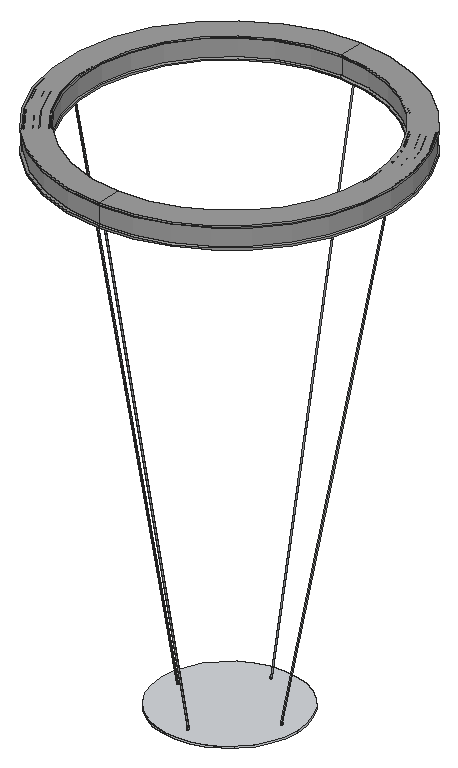
Revit family "VRIO-ACPMK", category Lighting Fixtures, host Face, Revit 2022
Family settings
  Host = Face
  Round Connector Dimension = Use Diameter
  Part Type = Normal
  Cut with Voids When Loaded = Yes
  Light Source = Yes
  Maintain Annotation Orientation = No
  Shared = No
  Room Calculation Point = No
Parameters (values of type "VRIO-65W-3000K-ACPMK")
  cable = R - 0' 0 1/32"  # 0' - 11 197/256"
  Wattage Comments = "65W"
  Wattage = 30.1598 W
  built-in parameter 1150110 = 1 (stored number, unit not read)
  URL = ""
  built-in parameter 1114217 = 1 (stored number, unit not read)
  Tilt Angle = 90.00°
  built-in parameter 1150109 = 1 (stored number, unit not read)
  built-in parameter 1150134 = (empty or 0)
  Suspension = 3' - 0"
  built-in parameter 1150113 = 1 (stored number, unit not read)
  Power Factor = "0.9"
  Photometric Web File = "VRIO_6524_30901.ies"
  Note = "The actual cable count varies with the fixture size."  # constant formula
  Model = "VRIO-6524-30901-ACPMK-WH"
  Manufacturer = "Above All Lighting"  # constant formula
  built-in parameter 1150105 = 356.51 (stored number, unit not read)
  Lumens = 4480 lm
  built-in parameter 1150115 = 1 (stored number, unit not read)
  Load Classification = Lighting
  built-in parameter 1150137 = (empty or 0)
  built-in parameter 1150139 = (empty or 0)
  built-in parameter 1150112 = 1 (stored number, unit not read)
  built-in parameter 1150114 = 1 (stored number, unit not read)
  Lamp = "LED"
  Input Voltage = "120-277V"
  built-in parameter 1150132 = 2
  built-in parameter 1150102 = (empty or 0)
  built-in parameter 1150107 = 3000 (stored number, unit not read)
  built-in parameter 1150138 = (empty or 0)
  built-in parameter 1150106 = 3.5651 (stored number, unit not read)
  built-in parameter 1150104 = 13.8 (stored number, unit not read)
  Dimming Lamp Color Temperature Shift = <None>
  Default Elevation = 0' - 0"
  R = 0' - 11 205/256"
  D1 = 0' - 9 205/256"
  Color Filter = 16777215
  CRI = "90"
  Beam Angle = 0.00°
  built-in parameter 1114218 = 1 (stored number, unit not read)
  built-in parameter 1150133 = 10 (stored number, unit not read)
Types (10): name | cable | Wattage Comments | Wattage | Photometric Web File | Model | built-in parameter 1150105 | Lumens | built-in parameter 1150106 | R | D1
  (no name) | 0' - 11 197/256" | "65W" | 30.1598 W | "VRIO_6524_30901.ies" | "VRIO-6524-30901-ACPMK-WH" | 356.51 (stored number, unit not read) | 4480 lm | 3.5651 (stored number, unit not read) | 0' - 11 205/256" | 0' - 9 205/256"
  VRIO-65W-3000K-ACPMK | 0' - 11 197/256" | "65W" | 30.1598 W | "VRIO_6524_30901.ies" | "VRIO-6524-30901-ACPMK-WH" | 356.51 (stored number, unit not read) | 4480 lm | 3.5651 (stored number, unit not read) | 0' - 11 205/256" | 0' - 9 205/256"
  VRIO-80W-3000K-ACPMK | 1' - 5 171/256" | "80W" | 37.6998 W | "VRIO_8035_30901.ies" | "VRIO-8035-30901-ACPMK-WH" | 1012.3 (stored number, unit not read) | 5600 lm | 10.123 (stored number, unit not read) | 1' - 5 179/256" | 0' - 9 205/256"
  VRIO-120W-3000K-ACPMK | 1' - 11 73/128" | "120W" | 56.5497 W | "VRIO_12047_30901.ies" | "VRIO-12047-30901-ACPMK-WH" | 1553.6 (stored number, unit not read) | 8400 lm | 15.536 (stored number, unit not read) | 1' - 11 77/128" | 1' - 1 205/256"
  VRIO-150W-3000K-ACPMK | 3' - 3 47/128" | "150W" | 70.6871 W | "generic" | "VRIO-15079-30901-ACPMK-WH" | 835.56 (stored number, unit not read) | 10500 lm | 8.3556 (stored number, unit not read) | 3' - 3 51/128" | 1' - 1 205/256"
  VRIO-200W-3000K-ACPMK | 4' - 1 43/256" | "200W" | 94.2495 W | "generic" | "VRIO-20098-30901-ACPMK-WH" | 1114.1 (stored number, unit not read) | 14000 lm | 11.141 (stored number, unit not read) | 4' - 1 51/256" | 1' - 5 179/256"
  VRIO-300W-3000K-ACPMK | 4' - 11 5/256" | "300W" | 141.374 W | "generic" | "VRIO-300118-30901-ACPMK-WH" | 1671.1 (stored number, unit not read) | 21000 lm | 16.711 (stored number, unit not read) | 4' - 11 13/256" | 1' - 7 179/256"
  VRIO-400W-3000K-ACPMK | 6' - 6 31/32" | "400W" | 188.499 W | "generic" | "VRIO-400158-30901-ACPMK-WH" | 2228.2 (stored number, unit not read) | 28000 lm | 22.282 (stored number, unit not read) | 6' - 7" | 1' - 11 77/128"
  VRIO-480W-3000K-ACPMK | 8' - 2 107/256" | "480W" | 226.199 W | "generic" | "VRIO-480197-30901-ACPMK-WH" | 2673.8 (stored number, unit not read) | 33600 lm | 26.738 (stored number, unit not read) | 8' - 2 115/256" | 1' - 11 77/128"
  VRIO-135W-3000K-ACPMK | 2' - 5 133/256" | "135W" | 61.2621 W | "generic" | "VRIO-13559-30901-ACPMK-WH" | 724.15 (stored number, unit not read) | 9100 lm | 7.2415 (stored number, unit not read) | 2' - 5 141/256" | 1' - 1 205/256"
Reference planes (in)
  plane 1 "Center (Front/Back)": y = 0
  plane 2: z = 0
  plane 3 "Center (Left/Right)": x = 0
  plane 4: y = 11.80078
  plane 5: z = 36
  plane 6: z = 37.44962
  plane 7: z = 0.18634
  plane 8: y = 10.03078
Forms (in)
  Revolve 1, solid, material "Default"
    sketch origin (0, 0, 59) x (0, 1, 0) y (0, 0, 1)
      loop
        line (10.03078, -22.96305) -> (11.80078, -22.96305) -> (11.80078, -22.85952) -> (11.69577, -22.75451) -> (11.69577, -22.89458) -> (11.6528, -22.89458) -> (11.6528, -22.75451) -> (11.59492, -22.75451) -> (11.59492, -22.84485) -> (11.16956, -22.84485) -> (11.16956, -21.51124) -> (11.59492, -21.51124) -> (11.59492, -21.60158) -> (11.6528, -21.60158) -> (11.6528, -21.46151) -> (11.69577, -21.46151) -> (11.69577, -21.60158) -> (11.80078, -21.49657) -> (11.80078, -21.39305) -> (10.03078, -21.39305) -> (10.03078, -21.49657) -> (10.13579, -21.60158) -> (10.13579, -21.46151) -> (10.17876, -21.46151) -> (10.17876, -21.60158) -> (10.23664, -21.60158) -> (10.23664, -21.51124) -> (10.72652, -21.51124) -> (10.72652, -22.84485) -> (10.23664, -22.84485) -> (10.23664, -22.75451) -> (10.17876, -22.75451) -> (10.17876, -22.89458) -> (10.13579, -22.89458) -> (10.13579, -22.75451) -> (10.03078, -22.85952) -> (10.03078, -22.96305)
      loop
        line (11.10549, -22.84485) -> (11.10549, -22.41839) -> (10.7906, -22.41839) -> (10.7906, -22.84485) -> (11.10549, -22.84485)
      loop
        line (11.10549, -21.51124) -> (10.7906, -21.51124) -> (10.7906, -22.00678) -> (11.10549, -22.00678) -> (11.10549, -21.51124)
      loop
        line (11.10549, -22.03803) -> (10.7906, -22.03803) -> (10.7906, -22.38714) -> (11.10549, -22.38714) -> (11.10549, -22.03803)
      axis (0, -22.96305) -> (0, -21.39305)
    angle from 0 to 360
  Extrusion 2, solid
    sketch origin (0, 0, 0) x (1, 0, 0) y (0, 1, 0)
      loop
        circle (0, 3.75) r 0.06118
      loop
        circle (0, -3.75) r 0.06118
      loop
        circle (3.75, 0) r 0.06118
      loop
        circle (-3.75, 0) r 0.06118
    from 0 to 0.18634
  Sweep 3, solid
    path origin (0, 0, 0) x (0, 1, 0) y (0, 0, 1)
      loop
        line (3.75, 0) -> (3.75, 0.18634) -> (11.3227, 36.06836) -> (11.76953, 36.06836)
    profile origin (0, 3.75, 0.09317) x (0, -1, 0) y (1, 0, 0)
      loop
        circle (0, 0) r 0.03141
  Sweep 4, solid
    path origin (0, 0, 0) x (0, 1, 0) y (0, 0, 1)
      loop
        line (-3.75, 0) -> (-3.75, 0.18634) -> (-11.30862, 36.06836) -> (-11.76953, 36.06836)
    profile origin (0, -3.75, 0.09317) x (0, -1, 0) y (1, 0, 0)
      loop
        circle (0, 0) r 0.03125
  Sweep 5, solid
    path origin (0, 0, 0) x (1, 0, 0) y (0, 0, 1)
      loop
        line (-3.75, 0) -> (-3.75, 0.18634) -> (-11.31021, 36.06836) -> (-11.76953, 36.06836)
    profile origin (-3.75, 0, 0.09317) x (-1, 0, 0) y (0, -1, 0)
      loop
        circle (0, 0) r 0.03125
  Sweep 6, solid
    path origin (0, 0, 0) x (1, 0, 0) y (0, 0, 1)
      loop
        line (3.75, 0) -> (3.75, 0.18634) -> (11.33047, 36.06836) -> (11.76953, 36.06836)
    profile origin (3.75, 0, 0.09317) x (-1, 0, 0) y (0, -1, 0)
      loop
        circle (0, 0) r 0.03224
  Extrusion 7, solid
    sketch origin (0, 0, 0) x (1, 0, 0) y (0, 1, 0)
      loop
        circle (0, 0) r 4.90039
    from 0 to 0.125
  Revolve 8, solid, material "Glass, White, High Luminance"
    sketch origin (0, 0, 0) x (0, 1, 0) y (0, 0, 1)
      loop
        line (11.69577, 37.53849) -> (10.13579, 37.53849) -> (10.13579, 36.10542) -> (11.69577, 36.10542) -> (11.69577, 37.53849)
      axis (0, 37.53849) -> (0, 36.10542)
    angle from 0 to 360
Dimensions and locks (in)
  "R": plane 4 to plane 1 "Center (Front/Back)"
  "Suspension": level to plane 5
  locked: plane 6 to plane 5 at 1.44962
  "cable": Sweep 3 sketch curve to imposter light
  "cable": plane 1 "Center (Front/Back)" to Sweep 4 sketch curve
  "cable": plane 3 "Center (Left/Right)" to Sweep 5 sketch curve
  "cable": Sweep 6 sketch curve to plane 3 "Center (Left/Right)"
  locked: plane 4 to plane 8 at 1.77
  Revolve 1 to Revolve 8 sketch curve = 0' - 0.10501"
  Revolve 8 sketch curve to Revolve 1 = 0' - 0.10501"
  "D1": diameter of Extrusion 7 sketch curve
  aligned and locked: plane 2 to host face
  aligned and locked: level to host face
  aligned and locked: plane 6 to imposter light
  aligned and locked: plane 4 to Revolve 1 sketch curve
  aligned and locked: Revolve 1 sketch curve to plane 4
  aligned and locked: Revolve 1 sketch curve to plane 8
  aligned and locked: plane 8 to Revolve 1 sketch curve
  aligned and locked: Revolve 8 sketch curve to Revolve 1
  aligned and locked: Revolve 1 to Revolve 8 sketch curve
Automatic sketch dimensions
  host sketch curve to host sketch curve = 8' - 0"  (x2)
  Sweep 3 sketch curve to plane 3 "Center (Left/Right)" = 0' - 0"
  Sweep 3 sketch curve to profile plane = 0' - 0"
  plane 1 "Center (Front/Back)" to Extrusion 2 sketch curve = 0' - 0"  (x2)
  Extrusion 2 sketch curve to plane 3 "Center (Left/Right)" = 0' - 0"  (x2)
  plane 3 "Center (Left/Right)" to Extrusion 2 sketch curve = 0' - 3 3/4"
  Extrusion 2 sketch curve to plane 1 "Center (Front/Back)" = 0' - 3 3/4"
  Extrusion 2 sketch curve to plane 3 "Center (Left/Right)" = 0' - 3 3/4"
  plane 1 "Center (Front/Back)" to Extrusion 2 sketch curve = 0' - 3 3/4"
  Sweep 4 sketch curve to plane 3 "Center (Left/Right)" = 0' - 0"
  Sweep 4 sketch curve to profile plane = 0' - 0"
  plane 1 "Center (Front/Back)" to Sweep 5 sketch curve = 0' - 0"
  Sweep 5 sketch curve to profile plane = 0' - 0"
  plane 1 "Center (Front/Back)" to Sweep 6 sketch curve = 0' - 0"
  Sweep 6 sketch curve to profile plane = 0' - 0"
  Revolve 8 sketch curve to plane 1 "Center (Front/Back)" = 0' - 0"
  plane 5 to Revolve 8 sketch curve = 0' - 10.55038"
  plane 6 to Revolve 8 sketch curve = 1' - 0"
  Revolve 1 sketch curve to plane 1 "Center (Front/Back)" = 0' - 0"
  Revolve 1 sketch curve to plane 8 = 0' - 0.10501"  (x2)
  Revolve 1 sketch curve to Revolve 1 sketch curve = 0' - 0 11/256"  (x4)
  Revolve 1 sketch curve to Revolve 1 sketch curve = 0' - 0.05789"  (x4)
  plane 6 to Revolve 1 sketch curve = 0' - 0.03913"  (x3)
  Revolve 1 sketch curve to Revolve 1 sketch curve = 0' - 0.48988"
  Revolve 1 sketch curve to Revolve 1 sketch curve = 0' - 0.06407"  (x3)
  Revolve 1 sketch curve to Revolve 1 sketch curve = 0' - 0"  (x6)
  Revolve 1 sketch curve to Revolve 1 sketch curve = 0' - 0.31489"  (x2)
  Revolve 1 sketch curve to plane 4 = 0' - 0.20586"  (x2)
  Revolve 1 sketch curve to plane 6 = 0' - 0.0512"  (x2)
  Revolve 1 sketch curve to plane 6 = 0' - 0.4564"
  Revolve 1 sketch curve to Revolve 1 sketch curve = 0' - 0 1/32"  (x2)
  Revolve 1 sketch curve to Revolve 1 sketch curve = 0' - 0.3491"
  Revolve 1 sketch curve to plane 5 = 0' - 0.24549"  (x2)
  Revolve 1 sketch curve to plane 5 = 0' - 0.15515"
  Revolve 1 sketch curve to Revolve 1 sketch curve = 0' - 0.09033"  (x2)
  Revolve 1 sketch curve to plane 5 = 0' - 0.14048"  (x2)
  Revolve 1 sketch curve to Revolve 1 sketch curve = 0' - 0.04973"
  Revolve 1 sketch curve to plane 5 = 0' - 0.10542"
  Revolve 1 sketch curve to plane 5 = 0' - 0.03695"
  plane 6 to Revolve 1 sketch curve = 0' - 0.05381"  (x2)
  plane 6 to Revolve 1 sketch curve = 0' - 0.08886"  (x2)
  Revolve 1 sketch curve to Revolve 1 sketch curve = 0' - 0.10352"
  plane 7 to Revolve 1 sketch curve = 0' - 11.81366"
  plane 6 to Revolve 1 sketch curve = 0' - 10.55038"
  Sweep 3 sketch curve to plane 7 = 0' - 0"
  Sweep 3 sketch curve to level = 0' - 0"
  Sweep 3 sketch curve to plane 5 = 0' - 0.06836"
  Sweep 3 sketch curve to Sweep 3 sketch curve = 0' - 0.44683"
  Sweep 3 sketch curve to plane 1 "Center (Front/Back)" = 0' - 3 3/4"
  Sweep 4 sketch curve to plane 7 = 0' - 0"
  Sweep 4 sketch curve to level = 0' - 0"
  Sweep 4 sketch curve to plane 5 = 0' - 0.06836"
  Sweep 4 sketch curve to Sweep 4 sketch curve = 0' - 0.46091"
  plane 1 "Center (Front/Back)" to Sweep 4 sketch curve = 0' - 3 3/4"
  Sweep 5 sketch curve to plane 7 = 0' - 0"
  Sweep 5 sketch curve to level = 0' - 0"
  Sweep 5 sketch curve to plane 5 = 0' - 0.06836"
  Sweep 5 sketch curve to Sweep 5 sketch curve = 0' - 0.45932"
  Sweep 5 sketch curve to plane 3 "Center (Left/Right)" = 0' - 3 3/4"
  Sweep 6 sketch curve to plane 7 = 0' - 0"
  Sweep 6 sketch curve to level = 0' - 0"
  Sweep 6 sketch curve to plane 5 = 0' - 0.06836"
  Sweep 6 sketch curve to Sweep 6 sketch curve = 0' - 0.43906"
  plane 3 "Center (Left/Right)" to Sweep 6 sketch curve = 0' - 3 3/4"
  plane 1 "Center (Front/Back)" to Extrusion 7 sketch curve = 0' - 0"
  Extrusion 7 sketch curve to plane 3 "Center (Left/Right)" = 0' - 0"
  radius of Sweep 3 sketch curve = 0' - 0.03141"
  radius of Extrusion 2 sketch curve = 0' - 0.06118"  (x4)
  radius of Sweep 4 sketch curve = 0' - 0 1/32"
  radius of Sweep 5 sketch curve = 0' - 0 1/32"
  radius of Sweep 6 sketch curve = 0' - 0.03224"
